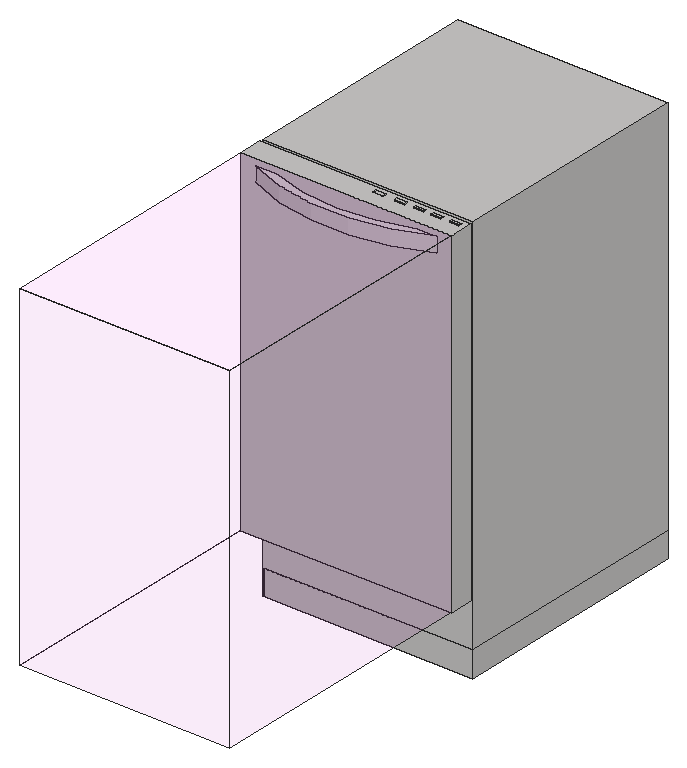
Revit family "QF_Summit_DW185SSADA_Dishwasher", category Specialty Equipment, Revit 2020
Family settings
  Round Connector Dimension = Use Diameter
  Part Type = Normal
  Work Plane-Based = No
  Always vertical = Yes
  Cut with Voids When Loaded = No
  Shared = No
  Room Calculation Point = No
Parameters
  Weight in Pounds = 95
  Watts = if(Phase = 3, Volts * FL Amps * 1.73, Volts * FL Amps)  # 1380 W
  Waste Water Discharge Temperature = -459.67 °F
  Volts = 115 V
  URL Cutsheet = ""
  Specification by User = ""
  Specification by Manufacturer = ""
  Show Legs [instance] = yes
  Show Door Clearance [instance] = yes
  Show Default Legs [instance] = not(Show Legs)  # no
  Serial Number = ""
  Seismic Rating = ""
  SMACNA No = ""
  Revision Code = ""
  Plumbing Remarks = ""
  Plumbing Connection Type = ""
  Phase = 1
  Number of Poles = 1
  NAFEM Spec ID Number = ""
  Model = "DW185SSADA"
  Min Ckt Ampacity = 0 A
  Max Overcurrent Protection = 0 A
  Masterspec = ""
  Manufacturer = "Summit"
  Length = 17 1/2"
  Item Number = ""
  Installed By = ""
  Indirect Waste Size = 1/2"
  Indirect Waste Flow = 0 GPM
  Indirect Waste Connection Type = ""
  Indirect Waste Connection Height = 0"
  Identify Quantity as Lot = yes
  Height [instance] = if(Show Default Legs, 32 1/4", 34")  # 34"
  HP = ""
  Furnished By = ""
  Foodservice Equipment Identifier = yes
  FL Amps = 12 A
  Electrical Remarks = ""
  Electric Connection Type = ""
  Elec Conn RI Height = 0"
  Elec Conn Connection Height = 0"
  Description = "Dishwasher"
  Depth = 24 1/4"
  Default Elevation = 0"
  Cycle = 60 Hz
  Conn Plug = ""
  Conn Conduit = yes
  Cold Water Temperature Recommended = -459.67 °F
  Cold Water Size = 1/2"
  Cold Water RI Height = 0"
  Cold Water Minimum Pressure = 0.00 psi
  Cold Water Maximum Pressure = 0.00 psi
  Cold Water Flow = 0 GPM
  Cold Water Consumption = ""
  Cold Water Connection Height = 0"
  CSI MasterFormat = ""
  Apparent Power = if(Phase = 3, Volts * FL Amps * 1.73, Volts * FL Amps)  # 1380 VA
Reference planes (in)
  plane 1 "BACK": y = 0
  plane 2: z = 0
  plane 3 "LEFT": x = 0
  plane 4 "RIGHT": x = 17.5
  plane 5 "FRONT": y = -24.25
  plane 6 "TOP": z = 34
  plane 7 "Center Y": x = 8.75
  plane 8 "Center X": y = -12.125
  plane 9: y = -22.5
  plane 10: y = -20.25
  plane 11: y = -45.5
  plane 12: z = 1.75
  plane 13: z = 2.125
  plane 14: z = 5.875
  plane 15: z = 5.625
Forms (in)
  Revolve 1, solid, material "QF_Metal_Stainless_Polished", visible <- "Show Default Legs"
    sketch origin (0, -2, 0) x (1, 0, 0) y (0, 0, 1)
      loop
        line (1.73437, 1.75) -> (1.73437, 2.125) -> (1.1733, 2.125) -> (1.1733, 2) -> (1, 2) -> (1, 1.75) -> (1.73437, 1.75)
      axis (1.73437, 2.125) -> (1.73437, 1.75)
    angle from 0 to 360
  Revolve 2, solid, material "QF_Metal_Stainless_Polished", visible <- "Show Default Legs"
    sketch origin (0, -18.25, 0) x (1, 0, 0) y (0, 0, 1)
      loop
        line (1.73437, 1.75) -> (1.73437, 2.125) -> (1.1733, 2.125) -> (1.1733, 2) -> (1, 2) -> (1, 1.75) -> (1.73437, 1.75)
      axis (1.73437, 2.125) -> (1.73437, 1.75)
    angle from 0 to 360
  Revolve 3, solid, material "QF_Metal_Stainless_Polished", visible <- "Show Default Legs"
    sketch origin (17.5, -2, 0) x (-1, 0, 0) y (0, 0, -1)
      loop
        line (1.73437, -1.75) -> (1, -1.75) -> (1, -2) -> (1.1733, -2) -> (1.1733, -2.125) -> (1.73437, -2.125) -> (1.73437, -1.75)
      axis (1.73437, -2.125) -> (1.73437, -1.75)
    angle from 0 to 360
  Revolve 4, solid, material "QF_Metal_Stainless_Polished", visible <- "Show Default Legs"
    sketch origin (17.5, -18.25, 0) x (-1, 0, 0) y (0, 0, -1)
      loop
        line (1.73437, -1.75) -> (1, -1.75) -> (1, -2) -> (1.1733, -2) -> (1.1733, -2.125) -> (1.73437, -2.125) -> (1.73437, -1.75)
      axis (1.73437, -2.125) -> (1.73437, -1.75)
    angle from 0 to 360
  Revolve 5, solid, material "QF_Metal_Stainless_Polished", visible <- "Show Legs"
    sketch origin (0, -2, 0) x (1, 0, 0) y (0, 0, 1)
      loop
        line (1, 0) -> (1.73437, 0) -> (1.73437, 2.125) -> (1.1733, 2.125) -> (1.1733, 0.25) -> (1, 0.25) -> (1, 0)
      axis (1.73437, 2.125) -> (1.73437, 0)
    angle from 0 to 360
  Revolve 6, solid, material "QF_Metal_Stainless_Polished", visible <- "Show Legs"
    sketch origin (0, -18.25, 0) x (1, 0, 0) y (0, 0, 1)
      loop
        line (1, 0) -> (1.73437, 0) -> (1.73437, 2.125) -> (1.1733, 2.125) -> (1.1733, 0.25) -> (1, 0.25) -> (1, 0)
      axis (1.73437, 2.125) -> (1.73437, 0)
    angle from 0 to 360
  Revolve 7, solid, material "QF_Metal_Stainless_Polished", visible <- "Show Legs"
    sketch origin (17.5, -2, 0) x (-1, 0, 0) y (0, 0, -1)
      loop
        line (1, 0) -> (1, -0.25) -> (1.1733, -0.25) -> (1.1733, -2.125) -> (1.73437, -2.125) -> (1.73437, 0) -> (1, 0)
      axis (1.73437, -2.125) -> (1.73437, 0)
    angle from 0 to 360
  Revolve 8, solid, material "QF_Metal_Stainless_Polished", visible <- "Show Legs"
    sketch origin (17.5, -18.25, 0) x (-1, 0, 0) y (0, 0, -1)
      loop
        line (1, 0) -> (1, -0.25) -> (1.1733, -0.25) -> (1.1733, -2.125) -> (1.73437, -2.125) -> (1.73437, 0) -> (1, 0)
      axis (1.73437, -2.125) -> (1.73437, 0)
    angle from 0 to 360
  Extrusion 9, solid, material "QF_Metal_Stainless_Polished", visible <- "Show Legs"
    sketch origin (0, 0, 0) x (1, 0, 0) y (0, 1, 0)
      loop
        line (0, 0) -> (0, -20.25) -> (17.5, -20.25) -> (17.5, 0) -> (0, 0)
      loop
        line (0.0625, -20.1875) -> (17.4375, -20.1875) -> (17.4375, -0.0625) -> (0.0625, -0.0625) -> (0.0625, -20.1875)
    from 0 to 2.125
Dimensions and locks (in)
  equal spacing: plane 3 "LEFT", plane 7 "Center Y", plane 4 "RIGHT"
  "Length": plane 3 "LEFT" to plane 4 "RIGHT"
  equal spacing: plane 5 "FRONT", plane 8 "Center X", plane 1 "BACK"
  "Depth": plane 5 "FRONT" to plane 1 "BACK"
  "Height": plane 6 "TOP" to level
  plane 9 to plane 1 "BACK" = 22 1/2"
  plane 10 to plane 1 "BACK" = 20 1/4"
  plane 11 to plane 1 "BACK" = 45 1/2"
  plane 6 "TOP" to plane 12 = 32 1/4"
  plane 6 "TOP" to plane 14 = 28 1/8"
  plane 13 to plane 12 = 3/8"
  plane 15 to plane 13 = 3 1/2"
  plane 4 "RIGHT" to plane 3 "LEFT" = 17 1/2"
  aligned and locked: level to plane 2
  aligned and locked: plane 13 to nested 1
Automatic sketch dimensions
  Revolve 1 sketch curve to plane 12 = 0"  (x2)
  Revolve 1 sketch curve to plane 13 = 0"
  Revolve 1 sketch curve to plane 13 = 1/8"
  plane 3 "LEFT" to Revolve 1 sketch curve = 1"
  Revolve 1 sketch curve to Revolve 1 sketch curve = 0.1733"
  Revolve 1 sketch curve to Revolve 1 sketch curve = 0.56107"
  Revolve 1 sketch curve to Revolve 1 sketch curve = 0"
  Revolve 1 sketch curve to Revolve 1 sketch curve = 1/4"
  Revolve 2 sketch curve to plane 12 = 0"  (x2)
  Revolve 2 sketch curve to plane 13 = 0"
  Revolve 2 sketch curve to plane 13 = 1/8"
  plane 3 "LEFT" to Revolve 2 sketch curve = 1"
  Revolve 2 sketch curve to Revolve 2 sketch curve = 0.1733"
  Revolve 2 sketch curve to Revolve 2 sketch curve = 0.56107"
  Revolve 2 sketch curve to Revolve 2 sketch curve = 0"
  Revolve 2 sketch curve to Revolve 2 sketch curve = 1/4"
  Revolve 3 sketch curve to plane 12 = 0"  (x2)
  Revolve 3 sketch curve to plane 13 = 0"
  Revolve 3 sketch curve to plane 13 = 1/8"
  plane 4 "RIGHT" to Revolve 3 sketch curve = 1"
  Revolve 3 sketch curve to Revolve 3 sketch curve = 0.1733"
  Revolve 3 sketch curve to Revolve 3 sketch curve = 0.56107"
  Revolve 3 sketch curve to Revolve 3 sketch curve = 0"
  Revolve 3 sketch curve to plane 12 = 1/4"
  Revolve 4 sketch curve to plane 12 = 0"  (x2)
  Revolve 4 sketch curve to plane 13 = 0"
  Revolve 4 sketch curve to plane 13 = 1/8"
  plane 4 "RIGHT" to Revolve 4 sketch curve = 1"
  Revolve 4 sketch curve to Revolve 4 sketch curve = 0.1733"
  Revolve 4 sketch curve to Revolve 4 sketch curve = 0.56107"
  Revolve 4 sketch curve to Revolve 4 sketch curve = 0"
  Revolve 4 sketch curve to Revolve 4 sketch curve = 1/4"
  Revolve 5 sketch curve to level = 0"  (x2)
  Revolve 5 sketch curve to plane 13 = 0"
  plane 3 "LEFT" to Revolve 5 sketch curve = 1"
  plane 3 "LEFT" to Revolve 5 sketch curve = 1.1733"
  Revolve 5 sketch curve to Revolve 5 sketch curve = 0.56107"
  level to Revolve 5 sketch curve = 1/4"
  Revolve 5 sketch curve to Revolve 5 sketch curve = 0"
  Revolve 5 sketch curve to level = 1"
  Revolve 6 sketch curve to level = 0"  (x2)
  Revolve 6 sketch curve to plane 13 = 0"
  plane 3 "LEFT" to Revolve 6 sketch curve = 1"
  plane 3 "LEFT" to Revolve 6 sketch curve = 1.1733"
  Revolve 6 sketch curve to Revolve 6 sketch curve = 0.56107"
  level to Revolve 6 sketch curve = 1/4"
  Revolve 6 sketch curve to Revolve 6 sketch curve = 0"
  Revolve 6 sketch curve to level = 1"
  Revolve 7 sketch curve to level = 0"  (x2)
  Revolve 7 sketch curve to plane 13 = 0"
  plane 4 "RIGHT" to Revolve 7 sketch curve = 1"
  plane 4 "RIGHT" to Revolve 7 sketch curve = 1.1733"
  Revolve 7 sketch curve to Revolve 7 sketch curve = 0.56107"
  level to Revolve 7 sketch curve = 1/4"
  Revolve 7 sketch curve to Revolve 7 sketch curve = 0"
  Revolve 7 sketch curve to Revolve 7 sketch curve = 1"
  Revolve 8 sketch curve to level = 0"  (x2)
  Revolve 8 sketch curve to plane 13 = 0"
  plane 4 "RIGHT" to Revolve 8 sketch curve = 1"
  plane 4 "RIGHT" to Revolve 8 sketch curve = 1.1733"
  Revolve 8 sketch curve to Revolve 8 sketch curve = 0.56107"
  level to Revolve 8 sketch curve = 1/4"
  Revolve 8 sketch curve to Revolve 8 sketch curve = 0"
  Revolve 8 sketch curve to Revolve 8 sketch curve = 1"
  Extrusion 9 sketch curve to plane 3 "LEFT" = 0"
  Extrusion 9 sketch curve to plane 4 "RIGHT" = 0"
  Extrusion 9 sketch curve to plane 10 = 0"
  plane 1 "BACK" to Extrusion 9 sketch curve = 0"
  plane 3 "LEFT" to Extrusion 9 sketch curve = 1/16"
  plane 4 "RIGHT" to Extrusion 9 sketch curve = 1/16"
  plane 10 to Extrusion 9 sketch curve = 1/16"
  plane 1 "BACK" to Extrusion 9 sketch curve = 1/16"
Nested families (in)
  nested 1: "DW185SSADA" at (0, 0, 0), Show Door Clearance <- "Show Door Clearance", type "DW185SSADA"
    with Show Door Clearance yes, Height 34"
Connectors (in)
  piping at (3.97121, 0.25, 3.73901), diameter 0.5, driven by "Cold Water Size"
    settings: on nested 1, index 1, connector inside diameter 24", connector length 0", flow factor 0, pipe flow 0 GPM, pressure drop 0.00 psi, fitting loss kfactor 0, connector angle 0.00°, fixture units 0, engagement length 0", angle of deflection 0.00°, flow configuration 1, flow direction 1, fitting loss method 0, system type 20, joint type 0, gender type 0, connector reference index -1, connector utility 0, adjustable connector no, is connector primary yes, connector description "Water Connection"
  piping at (5.97121, 0.25, 3.73901), diameter 0.5, driven by "Indirect Waste Size"
    settings: on nested 1, index 2, connector inside diameter 24", connector length 0", flow factor 0, pipe flow 0 GPM, pressure drop 0.00 psi, fitting loss kfactor 0, connector angle 0.00°, fixture units 0, engagement length 0", angle of deflection 0.00°, flow configuration 1, flow direction 2, fitting loss method 0, system type 16, joint type 0, gender type 0, connector reference index -1, connector utility 0, adjustable connector no, is connector primary no, connector description "Drain Connection"
  electrical at (8.00246, 0.25, 3.73901), driven by "Volts", driven by "Watts"
    settings: on nested 1, index 3, voltage 115 V, apparent load 1380 VA, apparent load phase1 0 VA, apparent load phase2 0 VA, apparent load phase3 0 VA, power factor 1, load classification "Other", number of poles 1, system type 30, power factor state 1, is connector primary yes, connector utility no, sub classification motor no, connector description "Electrical Connection"
Definition of nested family "DW185SSADA"
  Parameters (values of type "DW185SSADA")
    Weight in Pounds = 0
    Watts = if(Phase = 3, Volts * FL Amps * 1.73, Volts * FL Amps)  # 0 W
    Volts = 0 V
    URL Cutsheet = ""
    Specification by User = ""
    Specification by Manufacturer = ""
    Show Door Clearance [instance] = yes
    Serial Number = ""
    Seismic Rating = ""
    SMACNA No = ""
    Revision Code = ""
    Phase = 0
    Number of Poles = 1
    NAFEM Spec ID Number = ""
    Min Ckt Ampacity = 0 A
    Max Overcurrent Protection = 0 A
    Masterspec = ""
    Length = 17 1/2"
    Item Number = ""
    Installed By = ""
    Identify Quantity as Lot = yes
    Height [instance] = 34"
    HP = ""
    Furnished By = ""
    Foodservice Equipment Identifier = yes
    FL Amps = 0 A
    Electrical Remarks = ""
    Electric Connection Type = ""
    Elec Conn RI Height = 0"
    Elec Conn Connection Height = 0"
    Depth = 24 1/4"
    Default Elevation = 0"
    Cycle = 0 Hz
    Conn Plug = ""
    Conn Conduit = yes
    CSI MasterFormat = ""
    Apparent Power = if(Phase = 3, Volts * FL Amps * 1.73, Volts * FL Amps)  # 0 VA
  Reference planes (in)
    plane 1 "BACK": y = 0
    plane 2: z = 0
    plane 3 "LEFT": x = 0
    plane 4 "RIGHT": x = 17.5
    plane 5 "FRONT": y = -24.25
    plane 6 "TOP": z = 34
    plane 7 "Center Y": x = 8.75
    plane 8 "Center X": y = -12.125
    plane 9: y = -22.5
    plane 10: y = -20.25
    plane 11: y = -45.5
    plane 12: z = 1.75
    plane 13: z = 2.125
    plane 14: z = 5.875
    plane 15: z = 5.625
  Forms (in)
    Extrusion 1, solid
      sketch origin (-8.01619, -180, 2.125) x (-1, 0, 0) y (0, -1, 0)
        loop
          line (-8.01619, -180) -> (-8.01619, -159.75) -> (-25.51619, -159.75) -> (-25.51619, -180) -> (-8.01619, -180)
      from 0 to 31.875
    Extrusion 2, solid
      sketch origin (-9.94716, -22.5, 48) x (-1, 0, 0) y (0, 0, 1)
        loop
          line (-9.94716, -14) -> (-27.44716, -14) -> (-27.44716, -42.125) -> (-9.94716, -42.125) -> (-9.94716, -14)
      from 0 to 2
    Extrusion 3, solid
      sketch origin (-9.94716, -20.5, 48) x (-1, 0, 0) y (0, 0, 1)
        loop
          line (-10.44716, -14.5) -> (-26.94716, -14.5) -> (-26.94716, -41.625) -> (-10.44716, -41.625) -> (-10.44716, -14.5)
      from 0 to 0.25
    Extrusion 4, solid
      sketch origin (0, 0, 0) x (1, 0, 0) y (0, 0, 1)
        loop
          circle (3.97121, 3.73901) r 0.5
      from 0 to -0.25
    Extrusion 5, solid
      sketch origin (2, 0, 0) x (1, 0, 0) y (0, 0, 1)
        loop
          circle (3.97121, 3.73901) r 0.5
      from 0 to -0.25
    Extrusion 6, solid
      sketch origin (4, 0, 0) x (1, 0, 0) y (0, 0, 1)
        loop
          circle (4.00246, 3.73901) r 0.34934
      from 0 to -0.25
    Extrusion 7, solid
      sketch origin (-38.39759, -180, 34) x (-1, 0, 0) y (0, -1, 0)
        loop
          arc (-39.64759, -157.5) -> (-47.14759, -155.75) -> (-54.64759, -157.5) r 16.94643
          line (-54.64759, -157.5) -> (-53.05926, -157.5)
          arc (-53.05926, -157.5) -> (-47.14759, -156.39063) -> (-41.23593, -157.5) r 16.3058
          line (-41.23593, -157.5) -> (-39.64759, -157.5)
      from -0.5 to -1.75
    Extrusion 8, solid
      sketch origin (0, -22.5, 34) x (1, 0, 0) y (0, 1, 0)
        loop
          line (9.96145, 1.58403) -> (9.96145, 1.29627) -> (10.78645, 1.29627) -> (10.78645, 1.58403) -> (9.96145, 1.58403)
        loop
          line (11.72707, 1.58403) -> (11.72707, 1.29627) -> (12.55207, 1.29627) -> (12.55207, 1.58403) -> (11.72707, 1.58403)
        loop
          line (13.3052, 1.58403) -> (13.3052, 1.29627) -> (14.1302, 1.29627) -> (14.1302, 1.58403) -> (13.3052, 1.58403)
        loop
          line (14.78957, 1.58403) -> (14.78957, 1.29627) -> (15.61457, 1.29627) -> (15.61457, 1.58403) -> (14.78957, 1.58403)
        loop
          line (16.28957, 1.58403) -> (16.28957, 1.29627) -> (17.11457, 1.29627) -> (17.11457, 1.58403) -> (16.28957, 1.58403)
      from 0 to 0.05469
    Extrusion 9, solid, visible <- "Show Door Clearance"
      sketch origin (-8.01619, -180, 5.875) x (-1, 0, 0) y (0, -1, 0)
        loop
          line (-8.01619, -157.5) -> (-8.01619, -134.5) -> (-25.51619, -134.5) -> (-25.51619, -157.5) -> (-8.01619, -157.5)
      from 0 to 28.125
  Lines and regions (in)
    symbolic lines
      curve 1: line (0, 0, 0) -> (0, -20.25, 0)
      curve 2: line (17.5, 0, 0) -> (0, 0, 0)
      curve 3: line (17.5, -20.25, 0) -> (17.5, 0, 0)
      curve 4: line (0, -20.25, 0) -> (17.5, -20.25, 0)
      curve 5: line (17.5, -20.5, 0) -> (0, -20.5, 0)
      curve 6: line (0, -20.5, 0) -> (0, -22.5, 0)
      curve 7: line (0, -22.5, 0) -> (17.5, -22.5, 0)
      curve 8: line (17.5, -22.5, 0) -> (17.5, -20.5, 0)
      curve 9: line (17, -20.5, 0) -> (17, -20.25, 0)
      curve 10: line (0.5, -20.25, 0) -> (0.5, -20.5, 0)
      curve 11: arc (14.66167, -22.5, 0) -> (8.75, -23.60937, 0) -> (2.83833, -22.5, 0) r 16.3058
      curve 12: arc (1.25, -22.5, 0) -> (8.75, -24.25, 0) -> (16.25, -22.5, 0) r 16.94643
      curve 13: line (9.96145, -21.20373, 0) -> (10.78645, -21.20373, 0)
      curve 14: line (10.78645, -21.20373, 0) -> (10.78645, -20.91597, 0)
      curve 15: line (10.78645, -20.91597, 0) -> (9.96145, -20.91597, 0)
      curve 16: line (9.96145, -20.91597, 0) -> (9.96145, -21.20373, 0)
      curve 17: line (11.72707, -21.20373, 0) -> (12.55207, -21.20373, 0)
      curve 18: line (12.55207, -21.20373, 0) -> (12.55207, -20.91597, 0)
      curve 19: line (12.55207, -20.91597, 0) -> (11.72707, -20.91597, 0)
      curve 20: line (11.72707, -20.91597, 0) -> (11.72707, -21.20373, 0)
      curve 21: line (13.3052, -21.20373, 0) -> (14.1302, -21.20373, 0)
      curve 22: line (14.1302, -21.20373, 0) -> (14.1302, -20.91597, 0)
      curve 23: line (14.1302, -20.91597, 0) -> (13.3052, -20.91597, 0)
      curve 24: line (13.3052, -20.91597, 0) -> (13.3052, -21.20373, 0)
      curve 25: line (14.78957, -21.20373, 0) -> (15.61457, -21.20373, 0)
      curve 26: line (15.61457, -21.20373, 0) -> (15.61457, -20.91597, 0)
      curve 27: line (15.61457, -20.91597, 0) -> (14.78957, -20.91597, 0)
      curve 28: line (14.78957, -20.91597, 0) -> (14.78957, -21.20373, 0)
      curve 29: line (16.28957, -21.20373, 0) -> (17.11457, -21.20373, 0)
      curve 30: line (17.11457, -21.20373, 0) -> (17.11457, -20.91597, 0)
      curve 31: line (17.11457, -20.91597, 0) -> (16.28957, -20.91597, 0)
      curve 32: line (16.28957, -20.91597, 0) -> (16.28957, -21.20373, 0)
    symbolic lines, visible <- "Show Door Clearance"
      curve 33: line (0, -22.5, 0) -> (0, -45.5, 0)
      curve 34: line (17.5, -45.5, 0) -> (17.5, -22.5, 0)
      curve 35: line (0, -45.5, 0) -> (17.5, -45.5, 0)
  Dimensions and locks (in)
    equal spacing: plane 3 "LEFT", plane 7 "Center Y", plane 4 "RIGHT"
    "Length": plane 3 "LEFT" to plane 4 "RIGHT"
    equal spacing: plane 5 "FRONT", plane 8 "Center X", plane 1 "BACK"
    "Depth": plane 5 "FRONT" to plane 1 "BACK"
    "Height": plane 6 "TOP" to level
    plane 9 to plane 1 "BACK" = 22 1/2"
    plane 10 to plane 1 "BACK" = 20 1/4"
    plane 11 to plane 1 "BACK" = 45 1/2"
    plane 6 "TOP" to plane 12 = 32 1/4"  (x2)
    plane 6 "TOP" to plane 14 = 28 1/8"
    plane 13 to plane 12 = 3/8"
    plane 15 to plane 13 = 3 1/2"
    plane 4 "RIGHT" to plane 3 "LEFT" = 17 1/2"
    aligned and locked: level to plane 2
  Automatic sketch dimensions
    plane 1 "BACK" to Extrusion 1 sketch curve = 0"
    Extrusion 1 sketch curve to plane 4 "RIGHT" = 0"
    Extrusion 1 sketch curve to plane 3 "LEFT" = 0"
    Extrusion 1 sketch curve to plane 10 = 0"
    plane 4 "RIGHT" to Extrusion 2 sketch curve = 0"
    Extrusion 2 sketch curve to plane 3 "LEFT" = 0"
    Extrusion 2 sketch curve to plane 14 = 0"
    Extrusion 2 sketch curve to plane 6 "TOP" = 0"
    Extrusion 3 sketch curve to Extrusion 2 = 1/2"  (x4)
    plane 13 to Extrusion 4 sketch curve = 1.61401"
    plane 3 "LEFT" to Extrusion 4 sketch curve = 3.97121"
    Extrusion 5 sketch curve to plane 7 "Center Y" = 2.77879"
    plane 13 to Extrusion 5 sketch curve = 1.61401"
    Extrusion 6 sketch curve to plane 7 "Center Y" = 0.74754"
    plane 13 to Extrusion 6 sketch curve = 1.61401"
    Extrusion 7 sketch curve to Extrusion 7 sketch curve = 0"  (x2)
    Extrusion 7 sketch curve to plane 9 = 0"  (x2)
    Extrusion 7 sketch curve to plane 7 "Center Y" = 0"
    plane 4 "RIGHT" to Extrusion 7 sketch curve = 2.83833"
    plane 4 "RIGHT" to Extrusion 7 sketch curve = 1 1/4"
    plane 8 "Center X" to Extrusion 7 sketch curve = 4.82143"
    Extrusion 2 to Extrusion 8 sketch curve = 0.70373"  (x3)
    Extrusion 8 sketch curve to Extrusion 2 = 7.53855"
    Extrusion 8 sketch curve to Extrusion 8 sketch curve = 0.825"  (x4)
    Extrusion 2 to Extrusion 8 sketch curve = 0.41597"
    Extrusion 8 sketch curve to Extrusion 8 sketch curve = 0.94063"
    Extrusion 8 sketch curve to Extrusion 8 sketch curve = 0.75313"
    Extrusion 8 sketch curve to Extrusion 8 sketch curve = 0.65938"
    Extrusion 8 sketch curve to Extrusion 8 sketch curve = 0.675"
    Extrusion 8 sketch curve to Extrusion 2 = 0.38543"
    Extrusion 8 sketch curve to Extrusion 8 sketch curve = 0"
    Extrusion 8 sketch curve to Extrusion 8 sketch curve = 0.28776"  (x5)
    curve 1 to plane 3 "LEFT" = 0"
    plane 1 "BACK" to curve 2 = 0"
    curve 2 to plane 4 "RIGHT" = 0"
    curve 3 to plane 10 = 0"
    curve 6 to plane 3 "LEFT" = 0"
    curve 5 to plane 4 "RIGHT" = 0"
    curve 6 to plane 9 = 0"
    curve 6 to curve 1 = 1/4"
    plane 4 "RIGHT" to curve 9 = 1/2"
    curve 5 to curve 10 = 1/2"
    curve 11 to plane 7 "Center Y" = 0"
    plane 8 "Center X" to curve 11 = 4.82143"
    curve 6 to curve 11 = 2.83833"
    curve 11 to curve 12 = 0"  (x2)
    curve 6 to curve 12 = 1 1/4"
    plane 7 "Center Y" to curve 16 = 1.21145"
    curve 15 to curve 15 = 0.825"
    curve 13 to plane 10 = 0.95373"
    curve 13 to curve 15 = 0.28776"
    curve 14 to curve 19 = 0.94063"
    curve 19 to curve 19 = 0.825"
    curve 13 to curve 17 = 0"
    curve 17 to curve 20 = 0.28776"
    curve 18 to curve 23 = 0.75313"
    curve 23 to curve 23 = 0.825"
    curve 17 to curve 21 = 0"
    curve 21 to curve 22 = 0.28776"
    curve 22 to curve 28 = 0.65938"
    curve 25 to curve 26 = 0.825"
    curve 21 to curve 25 = 0"
    curve 25 to curve 26 = 0.28776"
    curve 26 to curve 32 = 0.675"
    plane 4 "RIGHT" to curve 31 = 0.38543"
    curve 25 to curve 32 = 0"
    curve 29 to curve 31 = 0.28776"
    Extrusion 9 sketch curve to plane 4 "RIGHT" = 0"
    Extrusion 9 sketch curve to plane 3 "LEFT" = 0"
    Extrusion 9 sketch curve to plane 9 = 0"
    Extrusion 9 sketch curve to plane 11 = 0"
    curve 34 to plane 11 = 0"
    radius of Extrusion 4 sketch curve = 1/2"
    radius of Extrusion 5 sketch curve = 1/2"
    radius of Extrusion 6 sketch curve = 0.34934"
